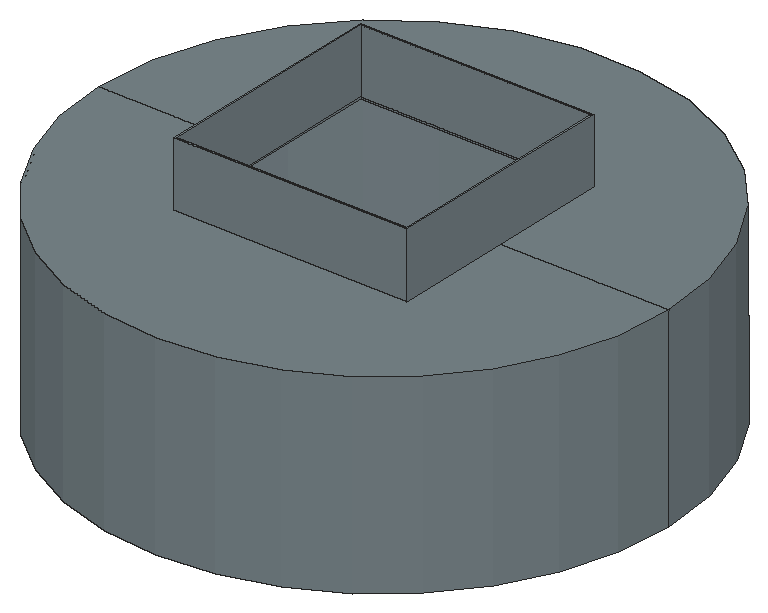
Revit family "Diffuser_C-Series_Straight-Square", category Air Terminals, Revit 2016
Family settings
  Part Type = Normal
  Round Connector Dimension = Use Diameter
  OmniClass Number = 23.75.70.21.27.11
  OmniClass Title = Diffusers, Registers, and Grilles
  Work Plane-Based = No
  Always vertical = No
  Cut with Voids When Loaded = No
  Shared = No
  Room Calculation Point = No
Parameters (values of type "5 Ton")
  URL = "https://www.ductsox.com/media-download/C-Series_Diffuser_Product_Data_Sheet"
  TopRad = Top Diameter / 2  # 1' - 10"
  Top Diameter = 3' - 8"
  Thickness = 0' - 0 1/8"
  Model = "C-Series Diffuser - 5 Ton"
  Max Flow = 2000 CFM
  Manufacturer = "DuctSox"
  Keynote = "23 37 00"
  Diffuser Material = Polyester Fabric
  Inlet Size = 1' - 6"
  Diffuser Height = 1' - 3"
  Description = "Fabric Duct Diffuser - 5 Ton"
  Assembly Code = "D3040100"
Types (6): name | TopRad | Top Diameter | Model | Max Flow | Inlet Size | Description
  30 Ton | 3' - 3" | 6' - 6" | "C-Series Diffuser - 30 Ton" | 12000 CFM | 3' - 6" | "Fabric Duct Diffuser - 30 Ton"
  25 Ton | 3' - 0" | 6' - 0" | "C-Series Diffuser - 25 Ton" | 10000 CFM | 3' - 2" | "Fabric Duct Diffuser - 25 Ton"
  20 Ton | 2' - 9" | 5' - 6" | "C-Series Diffuser - 20 Ton" | 8000 CFM | 2' - 10" | "Fabric Duct Diffuser - 20 Ton"
  15 Ton | 2' - 6" | 5' - 0" | "C-Series Diffuser - 15 Ton" | 6000 CFM | 2' - 6" | "Fabric Duct Diffuser - 15 Ton"
  10 Ton | 2' - 2" | 4' - 4" | "C-Series Diffuser - 10 Ton" | 4000 CFM | 2' - 0" | "Fabric Duct Diffuser - 10 Ton"
  5 Ton | 1' - 10" | 3' - 8" | "C-Series Diffuser - 5 Ton" | 2000 CFM | 1' - 6" | "Fabric Duct Diffuser - 5 Ton"
Reference planes (in)
  plane 1 "Center (Front/Back)": y = 0
  plane 2: z = 0
  plane 3 "Center (Left/Right)": x = 0
  plane 4 "Diffuser Top": z = -5
  plane 5: z = -20
  plane 6: x = -22
  plane 7: x = 22
  plane 8: x = -9
  plane 9: x = 9
  plane 10: z = -10
  plane 11: z = -15
  plane 12: y = 22
  plane 13: y = -22
  plane 14: y = 9
  plane 15: y = -9
Forms (in)
  Revolve 1, solid, material "Polyester Fabric" <- "Diffuser Material"
    sketch origin (0, 0, -1) x (1, 0, 0) y (0, 0, 1)
      loop
        line (0, -19) -> (0, -18.875) -> (-21.875, -18.875) -> (-21.875, -4.125) -> (0, -4.125) -> (0, -4) -> (-22, -4) -> (-22, -19) -> (0, -19)
      axis (0, -4) -> (0, -19)
    angle from 0 to 360
  Extrusion 2, solid, material "Polyester Fabric" <- "Diffuser Material"
    sketch origin (0, 0, -4) x (-1, 0, 0) y (0, -1, 0)
      loop
        line (9, -9) -> (9, 9) -> (-9, 9) -> (-9, -9) -> (9, -9)
    from -1 to 4
  Extrusion 3, void
    sketch origin (0, 0, -5) x (-1, 0, 0) y (0, -1, 0)
      loop
        line (8.875, -8.875) -> (8.875, 8.875) -> (-8.875, 8.875) -> (-8.875, -8.875) -> (8.875, -8.875)
    from -5 to 5
Cuts and joins
  Extrusion 3 cuts Revolve 1
  Extrusion 3 cuts Extrusion 2
Dimensions and locks (in)
  equal spacing: plane 7, plane 3 "Center (Left/Right)", plane 6
  "Diffuser Height": plane 4 "Diffuser Top" to plane 5
  "Top Diameter": plane 7 to plane 6
  "Thickness": Revolve 1 sketch curve to plane 5
  "Thickness": plane 4 "Diffuser Top" to Revolve 1 sketch curve
  equal spacing: plane 9, plane 3 "Center (Left/Right)", plane 8
  "Inlet Size": plane 9 to plane 8
  equal spacing: plane 4 "Diffuser Top", plane 10, plane 11, plane 5
  equal spacing: plane 13, plane 1 "Center (Front/Back)", plane 12
  "Top Diameter": plane 13 to plane 12
  equal spacing: plane 14, plane 1 "Center (Front/Back)", plane 15
  "Inlet Size": plane 14 to plane 15
  "Thickness": plane 14 to Extrusion 3 sketch curve
  "Thickness": Extrusion 3 sketch curve to plane 9
  "Thickness": plane 8 to Extrusion 3 sketch curve
  "Thickness": Extrusion 3 sketch curve to plane 15
  locked: level to plane 4 "Diffuser Top" at 5
  "Thickness": Revolve 1 sketch curve to plane 6
  aligned and locked: level to plane 2
  aligned and locked: plane 3 "Center (Left/Right)" to Revolve 1 sketch curve
  aligned and locked: Revolve 1 sketch curve to plane 3 "Center (Left/Right)"  (x2)
  aligned and locked: Revolve 1 sketch curve to plane 4 "Diffuser Top"
  aligned and locked: plane 5 to Revolve 1 sketch curve
  aligned and locked: plane 6 to Revolve 1 sketch curve  (x2)
  aligned and locked: plane 8 to Extrusion 2 sketch curve
  aligned and locked: Extrusion 2 sketch curve to plane 14
  aligned and locked: Extrusion 2 sketch curve to plane 9
  aligned and locked: plane 15 to Extrusion 2 sketch curve
  aligned and locked: Extrusion 2 to plane 4 "Diffuser Top"
  aligned and locked: level to Extrusion 2
  aligned and locked: Extrusion 3 to plane 10
  aligned and locked: level to Extrusion 3
Automatic sketch dimensions
  Revolve 1 sketch curve to plane 5 = 0' - 5"
  level to Revolve 1 sketch curve = 7' - 6.20035"
Connectors (in)
  hvac at (0, 0, -5), driven by "Inlet Size", driven by "Inlet Size", driven by "Max Flow"
    settings: on Extrusion 2, index 1, duct flow 2000 CFM, flow factor 0, pres drop 0.00 in-wg, loss coef 0, conn angle 0.00°, conn width 18", conn height 18", conn diameter 24", duct sys type 1, conn prof type 1, flow config 0, flow direction 2, loss method 0, conn ref index -1, conn util no, is conn primary yes, conn desc ""
